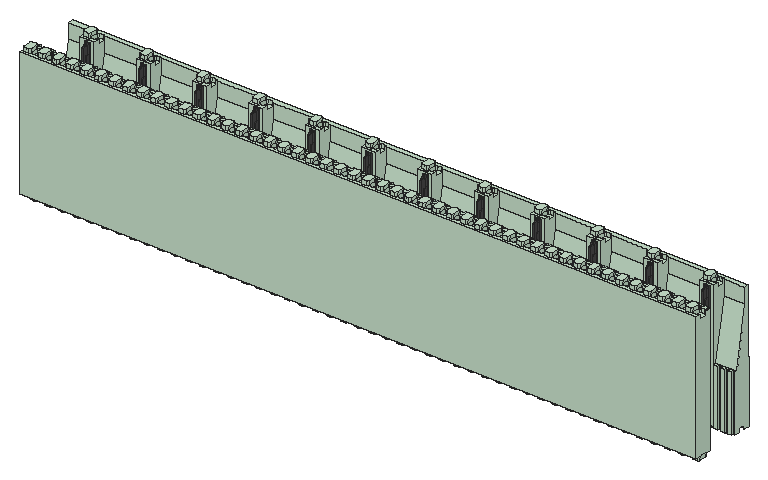
Revit family "ICF- NUDURA 4-inch Single Sided Taper Top Form Unit- Imperial", category Generic Models, Revit 2011 (continued)
Forms (in)
  Extrusion 172, solid, material "NUDURA Expanded Polystyrene Foam Insulation"
    sketch origin (0, 0, 0) x (1, 0, 0) y (0, 1, 0)
      loop
        line (5.28117, 3.25) -> (5.21883, 3) -> (5.78117, 3) -> (5.71883, 3.25) -> (5.28117, 3.25)
      loop
        line (6.28117, 3.25) -> (6.21883, 3) -> (6.78117, 3) -> (6.71883, 3.25) -> (6.28117, 3.25)
      loop
        line (7.28117, 3.25) -> (7.21883, 3) -> (7.78117, 3) -> (7.71883, 3.25) -> (7.28117, 3.25)
      loop
        line (8.28117, 3.25) -> (8.21883, 3) -> (8.78117, 3) -> (8.71883, 3.25) -> (8.28117, 3.25)
      loop
        line (9.28117, 3.25) -> (9.21883, 3) -> (9.78117, 3) -> (9.71883, 3.25) -> (9.28117, 3.25)
      loop
        line (10.28117, 3.25) -> (10.21883, 3) -> (10.78117, 3) -> (10.71883, 3.25) -> (10.28117, 3.25)
      loop
        line (13.28117, 3.25) -> (13.21883, 3) -> (13.78117, 3) -> (13.71883, 3.25) -> (13.28117, 3.25)
      loop
        line (14.28117, 3.25) -> (14.21883, 3) -> (14.78117, 3) -> (14.71883, 3.25) -> (14.28117, 3.25)
      loop
        line (15.28117, 3.25) -> (15.21883, 3) -> (15.78117, 3) -> (15.71883, 3.25) -> (15.28117, 3.25)
      loop
        line (16.28117, 3.25) -> (16.21883, 3) -> (16.78117, 3) -> (16.71883, 3.25) -> (16.28117, 3.25)
      loop
        line (17.28117, 3.25) -> (17.21883, 3) -> (17.78117, 3) -> (17.71883, 3.25) -> (17.28117, 3.25)
      loop
        line (18.28117, 3.25) -> (18.21883, 3) -> (18.78117, 3) -> (18.71883, 3.25) -> (18.28117, 3.25)
      loop
        line (21.28117, 3.25) -> (21.21883, 3) -> (21.78117, 3) -> (21.71883, 3.25) -> (21.28117, 3.25)
      loop
        line (22.28117, 3.25) -> (22.21883, 3) -> (22.78117, 3) -> (22.71883, 3.25) -> (22.28117, 3.25)
      loop
        line (23.28117, 3.25) -> (23.21883, 3) -> (23.78117, 3) -> (23.71883, 3.25) -> (23.28117, 3.25)
      loop
        line (24.28117, 3.25) -> (24.21883, 3) -> (24.78117, 3) -> (24.71883, 3.25) -> (24.28117, 3.25)
      loop
        line (25.28117, 3.25) -> (25.21883, 3) -> (25.78117, 3) -> (25.71883, 3.25) -> (25.28117, 3.25)
      loop
        line (26.28117, 3.25) -> (26.21883, 3) -> (26.78117, 3) -> (26.71883, 3.25) -> (26.28117, 3.25)
      loop
        line (29.28117, 3.25) -> (29.21883, 3) -> (29.78117, 3) -> (29.71883, 3.25) -> (29.28117, 3.25)
      loop
        line (30.28117, 3.25) -> (30.21883, 3) -> (30.78117, 3) -> (30.71883, 3.25) -> (30.28117, 3.25)
      loop
        line (31.28117, 3.25) -> (31.21883, 3) -> (31.78117, 3) -> (31.71883, 3.25) -> (31.28117, 3.25)
      loop
        line (32.28117, 3.25) -> (32.21883, 3) -> (32.78117, 3) -> (32.71883, 3.25) -> (32.28117, 3.25)
      loop
        line (33.28117, 3.25) -> (33.21883, 3) -> (33.78117, 3) -> (33.71883, 3.25) -> (33.28117, 3.25)
      loop
        line (34.28117, 3.25) -> (34.21883, 3) -> (34.78117, 3) -> (34.71883, 3.25) -> (34.28117, 3.25)
      loop
        line (37.28117, 3.25) -> (37.21883, 3) -> (37.78117, 3) -> (37.71883, 3.25) -> (37.28117, 3.25)
      loop
        line (38.28117, 3.25) -> (38.21883, 3) -> (38.78117, 3) -> (38.71883, 3.25) -> (38.28117, 3.25)
      loop
        line (39.28117, 3.25) -> (39.21883, 3) -> (39.78117, 3) -> (39.71883, 3.25) -> (39.28117, 3.25)
      loop
        line (40.28117, 3.25) -> (40.21883, 3) -> (40.78117, 3) -> (40.71883, 3.25) -> (40.28117, 3.25)
      loop
        line (41.28117, 3.25) -> (41.21883, 3) -> (41.78117, 3) -> (41.71883, 3.25) -> (41.28117, 3.25)
      loop
        line (42.28117, 3.25) -> (42.21883, 3) -> (42.78117, 3) -> (42.71883, 3.25) -> (42.28117, 3.25)
      loop
        line (45.28117, 3.25) -> (45.21883, 3) -> (45.78117, 3) -> (45.71883, 3.25) -> (45.28117, 3.25)
      loop
        line (46.28117, 3.25) -> (46.21883, 3) -> (46.78117, 3) -> (46.71883, 3.25) -> (46.28117, 3.25)
      loop
        line (47.28117, 3.25) -> (47.21883, 3) -> (47.78117, 3) -> (47.71883, 3.25) -> (47.28117, 3.25)
      loop
        line (48.28117, 3.25) -> (48.21883, 3) -> (48.78117, 3) -> (48.71883, 3.25) -> (48.28117, 3.25)
      loop
        line (49.28117, 3.25) -> (49.21883, 3) -> (49.78117, 3) -> (49.71883, 3.25) -> (49.28117, 3.25)
      loop
        line (50.28117, 3.25) -> (50.21883, 3) -> (50.78117, 3) -> (50.71883, 3.25) -> (50.28117, 3.25)
      loop
        line (53.28117, 3.25) -> (53.21883, 3) -> (53.78117, 3) -> (53.71883, 3.25) -> (53.28117, 3.25)
      loop
        line (54.28117, 3.25) -> (54.21883, 3) -> (54.78117, 3) -> (54.71883, 3.25) -> (54.28117, 3.25)
      loop
        line (55.28117, 3.25) -> (55.21883, 3) -> (55.78117, 3) -> (55.71883, 3.25) -> (55.28117, 3.25)
      loop
        line (56.28117, 3.25) -> (56.21883, 3) -> (56.78117, 3) -> (56.71883, 3.25) -> (56.28117, 3.25)
      loop
        line (57.28117, 3.25) -> (57.21883, 3) -> (57.78117, 3) -> (57.71883, 3.25) -> (57.28117, 3.25)
      loop
        line (58.28117, 3.25) -> (58.21883, 3) -> (58.78117, 3) -> (58.71883, 3.25) -> (58.28117, 3.25)
      loop
        line (61.28117, 3.25) -> (61.21883, 3) -> (61.78117, 3) -> (61.71883, 3.25) -> (61.28117, 3.25)
      loop
        line (62.28117, 3.25) -> (62.21883, 3) -> (62.78117, 3) -> (62.71883, 3.25) -> (62.28117, 3.25)
      loop
        line (63.28117, 3.25) -> (63.21883, 3) -> (63.78117, 3) -> (63.71883, 3.25) -> (63.28117, 3.25)
      loop
        line (64.28117, 3.25) -> (64.21883, 3) -> (64.78117, 3) -> (64.71883, 3.25) -> (64.28117, 3.25)
      loop
        line (65.28117, 3.25) -> (65.21883, 3) -> (65.78117, 3) -> (65.71883, 3.25) -> (65.28117, 3.25)
      loop
        line (66.28117, 3.25) -> (66.21883, 3) -> (66.78117, 3) -> (66.71883, 3.25) -> (66.28117, 3.25)
      loop
        line (69.28117, 3.25) -> (69.21883, 3) -> (69.78117, 3) -> (69.71883, 3.25) -> (69.28117, 3.25)
      loop
        line (70.28117, 3.25) -> (70.21883, 3) -> (70.78117, 3) -> (70.71883, 3.25) -> (70.28117, 3.25)
      loop
        line (71.28117, 3.25) -> (71.21883, 3) -> (71.78117, 3) -> (71.71883, 3.25) -> (71.28117, 3.25)
      loop
        line (72.28117, 3.25) -> (72.21883, 3) -> (72.78117, 3) -> (72.71883, 3.25) -> (72.28117, 3.25)
      loop
        line (73.28117, 3.25) -> (73.21883, 3) -> (73.78117, 3) -> (73.71883, 3.25) -> (73.28117, 3.25)
      loop
        line (74.28117, 3.25) -> (74.21883, 3) -> (74.78117, 3) -> (74.71883, 3.25) -> (74.28117, 3.25)
      loop
        line (77.28117, 3.25) -> (77.21883, 3) -> (77.78117, 3) -> (77.71883, 3.25) -> (77.28117, 3.25)
      loop
        line (78.28117, 3.25) -> (78.21883, 3) -> (78.78117, 3) -> (78.71883, 3.25) -> (78.28117, 3.25)
      loop
        line (79.28117, 3.25) -> (79.21883, 3) -> (79.78117, 3) -> (79.71883, 3.25) -> (79.28117, 3.25)
      loop
        line (80.28117, 3.25) -> (80.21883, 3) -> (80.78117, 3) -> (80.71883, 3.25) -> (80.28117, 3.25)
      loop
        line (81.28117, 3.25) -> (81.21883, 3) -> (81.78117, 3) -> (81.71883, 3.25) -> (81.28117, 3.25)
      loop
        line (82.28117, 3.25) -> (82.21883, 3) -> (82.78117, 3) -> (82.71883, 3.25) -> (82.28117, 3.25)
      loop
        line (85.28117, 3.25) -> (85.21883, 3) -> (85.78117, 3) -> (85.71883, 3.25) -> (85.28117, 3.25)
      loop
        line (86.28117, 3.25) -> (86.21883, 3) -> (86.78117, 3) -> (86.71883, 3.25) -> (86.28117, 3.25)
      loop
        line (87.28117, 3.25) -> (87.21883, 3) -> (87.78117, 3) -> (87.71883, 3.25) -> (87.28117, 3.25)
      loop
        line (88.28117, 3.25) -> (88.21883, 3) -> (88.78117, 3) -> (88.71883, 3.25) -> (88.28117, 3.25)
      loop
        line (89.28117, 3.25) -> (89.21883, 3) -> (89.78117, 3) -> (89.71883, 3.25) -> (89.28117, 3.25)
      loop
        line (90.28117, 3.25) -> (90.21883, 3) -> (90.78117, 3) -> (90.71883, 3.25) -> (90.28117, 3.25)
      loop
        line (93.28117, 3.25) -> (93.21883, 3) -> (93.78117, 3) -> (93.71883, 3.25) -> (93.28117, 3.25)
      loop
        line (94.28117, 3.25) -> (94.21883, 3) -> (94.78117, 3) -> (94.71883, 3.25) -> (94.28117, 3.25)
      loop
        line (95.28117, 3.25) -> (95.21883, 3) -> (95.78117, 3) -> (95.71883, 3.25) -> (95.28117, 3.25)
    from 0 to 8
Cuts and joins
  Extrusion 2, Extrusion 3, Extrusion 4, Extrusion 5, Extrusion 6, Extrusion 7, Extrusion 8, Extrusion 9, Extrusion 10, Extrusion 11, Extrusion 12, Extrusion 13, Extrusion 14, Extrusion 15, Extrusion 16, Extrusion 17, Extrusion 18, Extrusion 19, Extrusion 20, Extrusion 21, Extrusion 22, Extrusion 23, Extrusion 24, Extrusion 25, Extrusion 26, Extrusion 27, Extrusion 28, Extrusion 29, Extrusion 30, Extrusion 31, Extrusion 32, Extrusion 33, Extrusion 34, Extrusion 35, Extrusion 36, Extrusion 37, Extrusion 38, Extrusion 39, Extrusion 40, Extrusion 41, Extrusion 42, Extrusion 43, Extrusion 44, Extrusion 45, Extrusion 46, Extrusion 47, Extrusion 48, Extrusion 49, Extrusion 50, Extrusion 51, Extrusion 52, Extrusion 53, Extrusion 54, Extrusion 55, Extrusion 56, Extrusion 57, Extrusion 58, Extrusion 59, Extrusion 60, Extrusion 61, Extrusion 62, Extrusion 63, Extrusion 64, Extrusion 65, Extrusion 66, Extrusion 67, Extrusion 68, Extrusion 69, Extrusion 70, Extrusion 71, Extrusion 72, Extrusion 73, Extrusion 74, Extrusion 75, Extrusion 76, Extrusion 77, Extrusion 78, Extrusion 79, Extrusion 80, Extrusion 81, Extrusion 82, Extrusion 83, Extrusion 84, Extrusion 85, Extrusion 86, Extrusion 87, Extrusion 88, Extrusion 89, Extrusion 90, Extrusion 91, Extrusion 92, Extrusion 93, Extrusion 94, Extrusion 95, Extrusion 96, Extrusion 97, Extrusion 98, Extrusion 99, Extrusion 100, Extrusion 101, Extrusion 102, Extrusion 103, Extrusion 104, Extrusion 105, Extrusion 106, Extrusion 107, Extrusion 108, Extrusion 109, Extrusion 110, Extrusion 111, Extrusion 112, Extrusion 113, Extrusion 114, Extrusion 115, Extrusion 116, Extrusion 117, Extrusion 118, Extrusion 119, Extrusion 120, Extrusion 121, Extrusion 122, Extrusion 123, Extrusion 124, Extrusion 125, Extrusion 126, Extrusion 127, Extrusion 128, Extrusion 129, Extrusion 130, Extrusion 131, Extrusion 132, Extrusion 133, Extrusion 134, Extrusion 135, Extrusion 136, Extrusion 137, Extrusion 138, Extrusion 139, Extrusion 140, Extrusion 141, Extrusion 142, Extrusion 143, Extrusion 144, Extrusion 145, Extrusion 146, Extrusion 147, Extrusion 148, Extrusion 149, Extrusion 150, Extrusion 151, Extrusion 152, Extrusion 153, Extrusion 154, Extrusion 155, Extrusion 156, Extrusion 157 cuts Extrusion 1
  Extrusion 50, Extrusion 51, Extrusion 52, Extrusion 53, Extrusion 54, Extrusion 55, Extrusion 56, Extrusion 57, Extrusion 58, Extrusion 59, Extrusion 60, Extrusion 61, Extrusion 110, Extrusion 111, Extrusion 112, Extrusion 113, Extrusion 114, Extrusion 115, Extrusion 116, Extrusion 117, Extrusion 118, Extrusion 119, Extrusion 120, Extrusion 121, Extrusion 122, Extrusion 123, Extrusion 124, Extrusion 125, Extrusion 126, Extrusion 127, Extrusion 128, Extrusion 129, Extrusion 130, Extrusion 131, Extrusion 132, Extrusion 133, Extrusion 134, Extrusion 135, Extrusion 136, Extrusion 137, Extrusion 138, Extrusion 139, Extrusion 140, Extrusion 141, Extrusion 142, Extrusion 143, Extrusion 144, Extrusion 145, Extrusion 146, Extrusion 147, Extrusion 148, Extrusion 149, Extrusion 150, Extrusion 151, Extrusion 152, Extrusion 153, Extrusion 154, Extrusion 155, Extrusion 156, Extrusion 157 cuts Extrusion 158
  Extrusion 61 cuts Extrusion 159
  Extrusion 60 cuts Extrusion 160
  Extrusion 59 cuts Extrusion 161
  Extrusion 58 cuts Extrusion 162
  Extrusion 57 cuts Extrusion 163
  Extrusion 56 cuts Extrusion 164
  Extrusion 55 cuts Extrusion 165
  Extrusion 54 cuts Extrusion 166
  Extrusion 53 cuts Extrusion 167
  Extrusion 53 cuts Extrusion 168
  Extrusion 52 cuts Extrusion 169
  Extrusion 51 cuts Extrusion 170
  Extrusion 50 cuts Extrusion 171
  joined: Extrusion 158, Extrusion 159, Extrusion 160, Extrusion 161, Extrusion 162, Extrusion 163, Extrusion 164, Extrusion 165, Extrusion 166, Extrusion 167, Extrusion 168, Extrusion 169, Extrusion 170, Extrusion 171, Extrusion 172
Lines and regions (in)
  model lines
    curve 1: line (8, -3.625, 18) -> (8, -3.625, 0)
    curve 2: line (88, 5.625, 18) -> (88, 5.625, 0)
    curve 3: line (64, 5.625, 18) -> (64, 5.625, 0)
    curve 4: line (40, 5.625, 18) -> (40, 5.625, 0)
    curve 5: line (16, 5.625, 18) -> (16, 5.625, 0)
Dimensions and locks (in)
  locked: plane 3 "Center (Left/Right)" to plane 4 at 96
  locked: plane 5 to plane 7 at 2.625
  locked: plane 8 to plane 6 at 2.625
  locked: plane 9 to level at 18
  locked: plane 4 to plane 3 "Center (Left/Right)" at 96
  locked: plane 9 to plane 10 at 0.5
  locked: plane 11 to level at 0.5
  plane 6 to plane 1 "Center (Front/Back)" to plane 5 = 0' - 2", 0' - 2"
  plane 6 to plane 5 = 0' - 4"
  aligned and locked: plane 9 to Extrusion 1
  aligned and locked: Extrusion 1 to plane 3 "Center (Left/Right)"
  aligned and locked: plane 4 to Extrusion 1
  aligned and locked: level to Extrusion 1
  aligned and locked: nested 1 to plane 8
  aligned and locked: nested 124 to cut or joined group of Extrusion 1, Extrusion 2, Extrusion 3, Extrusion 4, Extrusion 5, Extrusion 6, Extrusion 7, Extrusion 8, Extrusion 9, Extrusion 10, Extrusion 11, Extrusion 12, Extrusion 13, Extrusion 14, Extrusion 15, Extrusion 16, Extrusion 17, Extrusion 18, Extrusion 19, Extrusion 20, Extrusion 21, Extrusion 22, Extrusion 23, Extrusion 24, Extrusion 25, Extrusion 26, Extrusion 27, Extrusion 28, Extrusion 29, Extrusion 30, Extrusion 31, Extrusion 32, Extrusion 33, Extrusion 34, Extrusion 35, Extrusion 36, Extrusion 37, Extrusion 38, Extrusion 39, Extrusion 40, Extrusion 41, Extrusion 42, Extrusion 43, Extrusion 44, Extrusion 45, Extrusion 46, Extrusion 47, Extrusion 48, Extrusion 49, Extrusion 50, Extrusion 51, Extrusion 52, Extrusion 53, Extrusion 54, Extrusion 55, Extrusion 56, Extrusion 57, Extrusion 58, Extrusion 59, Extrusion 60, Extrusion 61, Extrusion 62, Extrusion 63, Extrusion 64, Extrusion 65, Extrusion 66, Extrusion 67, Extrusion 68, Extrusion 69, Extrusion 70, Extrusion 71, Extrusion 72, Extrusion 73, Extrusion 74, Extrusion 75, Extrusion 76, Extrusion 77, Extrusion 78, Extrusion 79, Extrusion 80, Extrusion 81, Extrusion 82, Extrusion 83, Extrusion 84, Extrusion 85, Extrusion 86, Extrusion 87, Extrusion 88, Extrusion 89, Extrusion 90, Extrusion 91, Extrusion 92, Extrusion 93, Extrusion 94, Extrusion 95, Extrusion 96, Extrusion 97, Extrusion 98, Extrusion 99, Extrusion 100, Extrusion 101, Extrusion 102, Extrusion 103, Extrusion 104, Extrusion 105, Extrusion 106, Extrusion 107, Extrusion 108, Extrusion 109, Extrusion 110, Extrusion 111, Extrusion 112, Extrusion 113, Extrusion 114, Extrusion 115, Extrusion 116, Extrusion 117, Extrusion 118, Extrusion 119, Extrusion 120, Extrusion 121, Extrusion 122, Extrusion 123, Extrusion 124, Extrusion 125, Extrusion 126, Extrusion 127, Extrusion 128, Extrusion 129, Extrusion 130, Extrusion 131, Extrusion 132, Extrusion 133, Extrusion 134, Extrusion 135, Extrusion 136, Extrusion 137, Extrusion 138, Extrusion 139, Extrusion 140, Extrusion 141, Extrusion 142, Extrusion 143, Extrusion 144, Extrusion 145, Extrusion 146, Extrusion 147, Extrusion 148, Extrusion 149, Extrusion 150, Extrusion 151, Extrusion 152, Extrusion 153, Extrusion 154, Extrusion 155, Extrusion 156, Extrusion 157
Nested families (in)
  nested 1: "NUDURA Diamond Pattern" at (0, 2, 0), type "NUDURA Diamond Pattern"
  nested 2: "NUDURA Diamond Pattern" at (16, 2, 0), type "NUDURA Diamond Pattern"
  nested 3: "NUDURA Diamond Pattern" at (24, 2, 0), type "NUDURA Diamond Pattern"
  nested 4: "NUDURA Diamond Pattern" at (40, 2, 0), type "NUDURA Diamond Pattern"
  nested 5: "NUDURA Diamond Pattern" at (48, 2, 0), type "NUDURA Diamond Pattern"
  nested 6: "NUDURA Diamond Pattern" at (64, 2, 0), type "NUDURA Diamond Pattern"
  nested 7: "NUDURA Diamond Pattern" at (72, 2, 0), type "NUDURA Diamond Pattern"
  nested 8: "NUDURA Diamond Pattern" at (88, 2, 0), type "NUDURA Diamond Pattern"
  nested 9: "NUDURA Diamond Pattern" at (0, 0, 0), type "NUDURA Diamond Pattern"
  nested 10: "NUDURA Diamond Pattern" at (16, 0, 0), type "NUDURA Diamond Pattern"
  nested 11: "NUDURA Diamond Pattern" at (24, 0, 0), type "NUDURA Diamond Pattern"
  nested 12: "NUDURA Diamond Pattern" at (40, 0, 0), type "NUDURA Diamond Pattern"
  nested 13: "NUDURA Diamond Pattern" at (48, 0, 0), type "NUDURA Diamond Pattern"
  nested 14: "NUDURA Diamond Pattern" at (64, 0, 0), type "NUDURA Diamond Pattern"
  nested 15: "NUDURA Diamond Pattern" at (72, 0, 0), type "NUDURA Diamond Pattern"
  nested 16: "NUDURA Diamond Pattern" at (88, 0, 0), type "NUDURA Diamond Pattern"
  nested 17: "Interlock Tooth" at (0, 2, 0), type "Interlock Tooth"
  nested 18: "Interlock Tooth" at (2, 2, 0), type "Interlock Tooth"
  nested 19: "Interlock Tooth" at (4, 2, 0), type "Interlock Tooth"
  nested 20: "Interlock Tooth" at (6, 2, 0), type "Interlock Tooth"
  nested 21: "Interlock Tooth" at (8, 2, 0), type "Interlock Tooth"
  nested 22: "Interlock Tooth" at (10, 2, 0), type "Interlock Tooth"
  nested 23: "Interlock Tooth" at (12, 2, 0), type "Interlock Tooth"
  nested 24: "Interlock Tooth" at (14, 2, 0), type "Interlock Tooth"
  nested 25: "Interlock Tooth" at (16, 2, 0), type "Interlock Tooth"
  nested 26: "Interlock Tooth" at (18, 2, 0), type "Interlock Tooth"
  nested 27: "Interlock Tooth" at (20, 2, 0), type "Interlock Tooth"
  nested 28: "Interlock Tooth" at (22, 2, 0), type "Interlock Tooth"
  nested 29: "Interlock Tooth" at (24, 2, 0), type "Interlock Tooth"
  nested 30: "Interlock Tooth" at (26, 2, 0), type "Interlock Tooth"
  nested 31: "Interlock Tooth" at (28, 2, 0), type "Interlock Tooth"
  nested 32: "Interlock Tooth" at (30, 2, 0), type "Interlock Tooth"
  nested 33: "Interlock Tooth" at (32, 2, 0), type "Interlock Tooth"
  nested 34: "Interlock Tooth" at (34, 2, 0), type "Interlock Tooth"
  nested 35: "Interlock Tooth" at (36, 2, 0), type "Interlock Tooth"
  nested 36: "Interlock Tooth" at (38, 2, 0), type "Interlock Tooth"
  nested 37: "Interlock Tooth" at (40, 2, 0), type "Interlock Tooth"
  nested 38: "Interlock Tooth" at (42, 2, 0), type "Interlock Tooth"
  nested 39: "Interlock Tooth" at (44, 2, 0), type "Interlock Tooth"
  nested 40: "Interlock Tooth" at (46, 2, 0), type "Interlock Tooth"
  nested 41: "Interlock Tooth" at (48, 2, 0), type "Interlock Tooth"
  nested 42: "Interlock Tooth" at (50, 2, 0), type "Interlock Tooth"
  nested 43: "Interlock Tooth" at (52, 2, 0), type "Interlock Tooth"
  nested 44: "Interlock Tooth" at (54, 2, 0), type "Interlock Tooth"
  nested 45: "Interlock Tooth" at (56, 2, 0), type "Interlock Tooth"
  nested 46: "Interlock Tooth" at (58, 2, 0), type "Interlock Tooth"
  nested 47: "Interlock Tooth" at (60, 2, 0), type "Interlock Tooth"
  nested 48: "Interlock Tooth" at (62, 2, 0), type "Interlock Tooth"
  nested 49: "Interlock Tooth" at (64, 2, 0), type "Interlock Tooth"
  nested 50: "Interlock Tooth" at (66, 2, 0), type "Interlock Tooth"
  nested 51: "Interlock Tooth" at (68, 2, 0), type "Interlock Tooth"
  nested 52: "Interlock Tooth" at (70, 2, 0), type "Interlock Tooth"
  nested 53: "Interlock Tooth" at (72, 2, 0), type "Interlock Tooth"
  nested 54: "Interlock Tooth" at (74, 2, 0), type "Interlock Tooth"
  nested 55: "Interlock Tooth" at (76, 2, 0), type "Interlock Tooth"
  nested 56: "Interlock Tooth" at (78, 2, 0), type "Interlock Tooth"
  nested 57: "Interlock Tooth" at (80, 2, 0), type "Interlock Tooth"
  nested 58: "Interlock Tooth" at (82, 2, 0), type "Interlock Tooth"
  nested 59: "Interlock Tooth" at (84, 2, 0), type "Interlock Tooth"
  nested 60: "Interlock Tooth" at (86, 2, 0), type "Interlock Tooth"
  nested 61: "Interlock Tooth" at (88, 2, 0), type "Interlock Tooth"
  nested 62: "Interlock Tooth" at (90, 2, 0), type "Interlock Tooth"
  nested 63: "Interlock Tooth" at (92, 2, 0), type "Interlock Tooth"
  nested 64: "Interlock Tooth" at (94, 2, 0), type "Interlock Tooth"
  nested 65: "Interlock Tooth" at (3, 8.875, 0), type "Interlock Tooth"
  nested 66: "Interlock Tooth" at (11, 8.875, 0), type "Interlock Tooth"
  nested 67: "Interlock Tooth" at (19, 8.875, 0), type "Interlock Tooth"
  nested 68: "Interlock Tooth" at (27, 8.875, 0), type "Interlock Tooth"
  nested 69: "Interlock Tooth" at (35, 8.875, 0), type "Interlock Tooth"
  nested 70: "Interlock Tooth" at (43, 8.875, 0), type "Interlock Tooth"
  nested 71: "Interlock Tooth" at (51, 8.875, 0), type "Interlock Tooth"
  nested 72: "Interlock Tooth" at (59, 8.875, 0), type "Interlock Tooth"
  nested 73: "Interlock Tooth" at (67, 8.875, 0), type "Interlock Tooth"
  nested 74: "Interlock Tooth" at (75, 8.875, 0), type "Interlock Tooth"
  nested 75: "Interlock Tooth" at (83, 8.875, 0), type "Interlock Tooth"
  nested 76: "Interlock Tooth" at (91, 8.875, 0), type "Interlock Tooth"
  nested 77: "Interlock Tooth" at (1, -6.875, -18.5), type "Interlock Tooth"
  nested 78: "Interlock Tooth" at (3, -6.875, -18.5), type "Interlock Tooth"
  nested 79: "Interlock Tooth" at (5, -6.875, -18.5), type "Interlock Tooth"
  nested 80: "Interlock Tooth" at (7, -6.875, -18.5), type "Interlock Tooth"
  nested 81: "Interlock Tooth" at (9, -6.875, -18.5), type "Interlock Tooth"
  nested 82: "Interlock Tooth" at (11, -6.875, -18.5), type "Interlock Tooth"
  nested 83: "Interlock Tooth" at (13, -6.875, -18.5), type "Interlock Tooth"
  nested 84: "Interlock Tooth" at (15, -6.875, -18.5), type "Interlock Tooth"
  nested 85: "Interlock Tooth" at (17, -6.875, -18.5), type "Interlock Tooth"
  nested 86: "Interlock Tooth" at (19, -6.875, -18.5), type "Interlock Tooth"
  nested 87: "Interlock Tooth" at (21, -6.875, -18.5), type "Interlock Tooth"
  nested 88: "Interlock Tooth" at (23, -6.875, -18.5), type "Interlock Tooth"
  nested 89: "Interlock Tooth" at (25, -6.875, -18.5), type "Interlock Tooth"
  nested 90: "Interlock Tooth" at (27, -6.875, -18.5), type "Interlock Tooth"
  nested 91: "Interlock Tooth" at (29, -6.875, -18.5), type "Interlock Tooth"
  nested 92: "Interlock Tooth" at (31, -6.875, -18.5), type "Interlock Tooth"
  nested 93: "Interlock Tooth" at (33, -6.875, -18.5), type "Interlock Tooth"
  nested 94: "Interlock Tooth" at (35, -6.875, -18.5), type "Interlock Tooth"
  nested 95: "Interlock Tooth" at (37, -6.875, -18.5), type "Interlock Tooth"
  nested 96: "Interlock Tooth" at (39, -6.875, -18.5), type "Interlock Tooth"
  nested 97: "Interlock Tooth" at (41, -6.875, -18.5), type "Interlock Tooth"
  nested 98: "Interlock Tooth" at (43, -6.875, -18.5), type "Interlock Tooth"
  nested 99: "Interlock Tooth" at (45, -6.875, -18.5), type "Interlock Tooth"
  nested 100: "Interlock Tooth" at (47, -6.875, -18.5), type "Interlock Tooth"
  nested 101: "Interlock Tooth" at (49, -6.875, -18.5), type "Interlock Tooth"
  nested 102: "Interlock Tooth" at (51, -6.875, -18.5), type "Interlock Tooth"
  nested 103: "Interlock Tooth" at (53, -6.875, -18.5), type "Interlock Tooth"
  nested 104: "Interlock Tooth" at (55, -6.875, -18.5), type "Interlock Tooth"
  nested 105: "Interlock Tooth" at (57, -6.875, -18.5), type "Interlock Tooth"
  nested 106: "Interlock Tooth" at (59, -6.875, -18.5), type "Interlock Tooth"
  nested 107: "Interlock Tooth" at (61, -6.875, -18.5), type "Interlock Tooth"
  nested 108: "Interlock Tooth" at (63, -6.875, -18.5), type "Interlock Tooth"
  nested 109: "Interlock Tooth" at (65, -6.875, -18.5), type "Interlock Tooth"
  nested 110: "Interlock Tooth" at (67, -6.875, -18.5), type "Interlock Tooth"
  nested 111: "Interlock Tooth" at (69, -6.875, -18.5), type "Interlock Tooth"
  nested 112: "Interlock Tooth" at (71, -6.875, -18.5), type "Interlock Tooth"
  nested 113: "Interlock Tooth" at (73, -6.875, -18.5), type "Interlock Tooth"
  nested 114: "Interlock Tooth" at (75, -6.875, -18.5), type "Interlock Tooth"
  nested 115: "Interlock Tooth" at (77, -6.875, -18.5), type "Interlock Tooth"
  nested 116: "Interlock Tooth" at (79, -6.875, -18.5), type "Interlock Tooth"
  nested 117: "Interlock Tooth" at (81, -6.875, -18.5), type "Interlock Tooth"
  nested 118: "Interlock Tooth" at (83, -6.875, -18.5), type "Interlock Tooth"
  nested 119: "Interlock Tooth" at (85, -6.875, -18.5), type "Interlock Tooth"
  nested 120: "Interlock Tooth" at (87, -6.875, -18.5), type "Interlock Tooth"
  nested 121: "Interlock Tooth" at (89, -6.875, -18.5), type "Interlock Tooth"
  nested 122: "Interlock Tooth" at (91, -6.875, -18.5), type "Interlock Tooth"
  nested 123: "Interlock Tooth" at (93, -6.875, -18.5), type "Interlock Tooth"
  nested 124: "Interlock Tooth" at (95, -6.875, -18.5), type "Interlock Tooth"
  nested 125: "Interlock Tooth" at (0, 0, -18.5), type "Interlock Tooth"
  nested 126: "Interlock Tooth" at (2, 0, -18.5), type "Interlock Tooth"
  nested 127: "Interlock Tooth" at (4, 0, -18.5), type "Interlock Tooth"
  nested 128: "Interlock Tooth" at (6, 0, -18.5), type "Interlock Tooth"
  nested 129: "Interlock Tooth" at (8, 0, -18.5), type "Interlock Tooth"
  nested 130: "Interlock Tooth" at (10, 0, -18.5), type "Interlock Tooth"
  nested 131: "Interlock Tooth" at (12, 0, -18.5), type "Interlock Tooth"
  nested 132: "Interlock Tooth" at (14, 0, -18.5), type "Interlock Tooth"
  nested 133: "Interlock Tooth" at (16, 0, -18.5), type "Interlock Tooth"
  nested 134: "Interlock Tooth" at (18, 0, -18.5), type "Interlock Tooth"
  nested 135: "Interlock Tooth" at (20, 0, -18.5), type "Interlock Tooth"
  nested 136: "Interlock Tooth" at (22, 0, -18.5), type "Interlock Tooth"
  nested 137: "Interlock Tooth" at (24, 0, -18.5), type "Interlock Tooth"
  nested 138: "Interlock Tooth" at (26, 0, -18.5), type "Interlock Tooth"
  nested 139: "Interlock Tooth" at (28, 0, -18.5), type "Interlock Tooth"
  nested 140: "Interlock Tooth" at (30, 0, -18.5), type "Interlock Tooth"
  nested 141: "Interlock Tooth" at (32, 0, -18.5), type "Interlock Tooth"
  nested 142: "Interlock Tooth" at (34, 0, -18.5), type "Interlock Tooth"
  nested 143: "Interlock Tooth" at (36, 0, -18.5), type "Interlock Tooth"
  nested 144: "Interlock Tooth" at (38, 0, -18.5), type "Interlock Tooth"
  nested 145: "Interlock Tooth" at (40, 0, -18.5), type "Interlock Tooth"
  nested 146: "Interlock Tooth" at (42, 0, -18.5), type "Interlock Tooth"
  nested 147: "Interlock Tooth" at (44, 0, -18.5), type "Interlock Tooth"
  nested 148: "Interlock Tooth" at (46, 0, -18.5), type "Interlock Tooth"
  nested 149: "Interlock Tooth" at (48, 0, -18.5), type "Interlock Tooth"
  nested 150: "Interlock Tooth" at (50, 0, -18.5), type "Interlock Tooth"
  nested 151: "Interlock Tooth" at (52, 0, -18.5), type "Interlock Tooth"
  nested 152: "Interlock Tooth" at (54, 0, -18.5), type "Interlock Tooth"
  nested 153: "Interlock Tooth" at (56, 0, -18.5), type "Interlock Tooth"
  nested 154: "Interlock Tooth" at (58, 0, -18.5), type "Interlock Tooth"
  nested 155: "Interlock Tooth" at (60, 0, -18.5), type "Interlock Tooth"
  nested 156: "Interlock Tooth" at (62, 0, -18.5), type "Interlock Tooth"
  nested 157: "Interlock Tooth" at (64, 0, -18.5), type "Interlock Tooth"
  nested 158: "Interlock Tooth" at (66, 0, -18.5), type "Interlock Tooth"
  nested 159: "Interlock Tooth" at (68, 0, -18.5), type "Interlock Tooth"
  nested 160: "Interlock Tooth" at (70, 0, -18.5), type "Interlock Tooth"
  nested 161: "Interlock Tooth" at (72, 0, -18.5), type "Interlock Tooth"
  nested 162: "Interlock Tooth" at (74, 0, -18.5), type "Interlock Tooth"
  nested 163: "Interlock Tooth" at (76, 0, -18.5), type "Interlock Tooth"
  nested 164: "Interlock Tooth" at (78, 0, -18.5), type "Interlock Tooth"
  nested 165: "Interlock Tooth" at (80, 0, -18.5), type "Interlock Tooth"
  nested 166: "Interlock Tooth" at (82, 0, -18.5), type "Interlock Tooth"
  nested 167: "Interlock Tooth" at (84, 0, -18.5), type "Interlock Tooth"
  nested 168: "Interlock Tooth" at (86, 0, -18.5), type "Interlock Tooth"
  nested 169: "Interlock Tooth" at (88, 0, -18.5), type "Interlock Tooth"
  nested 170: "Interlock Tooth" at (90, 0, -18.5), type "Interlock Tooth"
  nested 171: "Interlock Tooth" at (92, 0, -18.5), type "Interlock Tooth"
  nested 172: "Interlock Tooth" at (94, 0, -18.5), type "Interlock Tooth"
  nested 173: "NUDURA Logo Diamond" at (0, -3.625, 0), type "NUDURA Logo Diamond"
  nested 174: "NUDURA Logo Diamond" at (24, -3.625, 0), type "NUDURA Logo Diamond"
  nested 175: "NUDURA Logo Diamond" at (48, -3.625, 0), type "NUDURA Logo Diamond"
  nested 176: "NUDURA Logo Diamond" at (72, -3.625, 0), type "NUDURA Logo Diamond"
  nested 177: "NUDURA Logo Diamond" at (95.99744, 5.625, 0) x (-1, 0, 0) z (0, 0, 1), type "NUDURA Logo Diamond"
  nested 178: "NUDURA Logo Diamond" at (71.99744, 5.625, 0) x (-1, 0, 0) z (0, 0, 1), type "NUDURA Logo Diamond"
  nested 179: "NUDURA Logo Diamond" at (47.99744, 5.625, 0) x (-1, 0, 0) z (0, 0, 1), type "NUDURA Logo Diamond"
  nested 180: "NUDURA Logo Diamond" at (23.99744, 5.625, 0) x (-1, 0, 0) z (0, 0, 1), type "NUDURA Logo Diamond"
  nested 181: "4-inch Insert Web" at (4, 1, 0), type "4-inch Insert Web"
  nested 182: "4-inch Insert Web" at (12, 1, 0), type "4-inch Insert Web"
  nested 183: "4-inch Insert Web" at (20, 1, 0), type "4-inch Insert Web"
  nested 184: "4-inch Insert Web" at (28, 1, 0), type "4-inch Insert Web"
  nested 185: "4-inch Insert Web" at (36, 1, 0), type "4-inch Insert Web"
  nested 186: "4-inch Insert Web" at (44, 1, 0), type "4-inch Insert Web"
  nested 187: "4-inch Insert Web" at (52, 1, 0), type "4-inch Insert Web"
  nested 188: "4-inch Insert Web" at (60, 1, 0), type "4-inch Insert Web"
  nested 189: "4-inch Insert Web" at (68, 1, 0), type "4-inch Insert Web"
  nested 190: "4-inch Insert Web" at (84, 1, 0), type "4-inch Insert Web"
  nested 191: "4-inch Insert Web" at (92, 1, 0), type "4-inch Insert Web"
  nested 192: "4-inch Insert Web" at (76, 1, 0), type "4-inch Insert Web"
Definition of nested family "Interlock Tooth"
  Reference planes (in)
    plane 1 "Center (Front/Back)": y = 0
    plane 2: z = 0
    plane 3 "Center (Left/Right)": x = 0
    plane 4: z = 18
    plane 5: z = 18.5
    plane 6: z = -0.5
  Forms (in)
    Extrusion 1, solid, material "NUDURA Expanded Polystyrene Foam Insulation"
      sketch origin (0, -8.875, 0) x (1, 0, 0) y (0, 1, 0)
        loop
          arc (0, 3.97692) -> (0.04785, 3.82983) -> (0.17308, 3.73905) r 0.25
          arc (0.17308, 3.73905) -> (0.5, 3.6875) -> (0.82692, 3.73905) r 1.0625
          arc (0.82692, 3.73905) -> (0.95215, 3.82983) -> (1, 3.97692) r 0.25
          line (1, 3.97692) -> (1, 4.89808)
          arc (1, 4.89808) -> (0.95215, 5.04517) -> (0.82692, 5.13595) r 0.25
          arc (0.82692, 5.13595) -> (0.5, 5.1875) -> (0.17308, 5.13595) r 1.0625
          arc (0.17308, 5.13595) -> (0.04785, 5.04517) -> (0, 4.89808) r 0.25
          line (0, 4.89808) -> (0, 3.97692)
      from 18 to 18.5
  Dimensions and locks (in)
    locked: plane 4 to level at 18
    locked: plane 4 to plane 5 at 0.5
    locked: plane 6 to level at 0.5
Definition of nested family "4-inch Insert Web"
  Reference planes (in)
    plane 1 "Center (Front/Back)": y = 0
    plane 2: z = 0
    plane 3 "Center (Left/Right)": x = 0
  Forms (in)
    Extrusion 1, solid, material "High Density Polystyrene"
      sketch origin (0, 0, 0) x (0, 1, 0) y (0, 0, 1)
        loop
          line (2.25, 0) -> (2.25, 17.74583)
          arc (2.25, 17.74583) -> (2.22112, 17.72608) -> (2.21, 17.69292) r 0.055
          line (2.21, 17.69292) -> (2.21, 0.05292)
          arc (2.21, 0.05292) -> (2.22112, 0.01975) -> (2.25, 0) r 0.055
        loop
          arc (-2.25, 0) -> (-2.22112, 0.01975) -> (-2.21, 0.05292) r 0.055
          line (-2.21, 0.05292) -> (-2.21, 17.69292)
          arc (-2.21, 17.69292) -> (-2.22112, 17.72608) -> (-2.25, 17.74583) r 0.055
          line (-2.25, 17.74583) -> (-2.25, 0)
      from 0.36328 to -0.36328
    Extrusion 2, solid, material "High Density Polystyrene"
      sketch origin (0, 0, 0) x (0, 1, 0) y (0, 0, 1)
        loop
          arc (2.18889, 17.40785) -> (2.20374, 17.40241) -> (2.21, 17.38789) r 0.02
          line (2.21, 17.38789) -> (2.21, 17.63668)
          arc (2.21, 17.63668) -> (2.20585, 17.62147) -> (2.19457, 17.61045) r 0.03
          line (2.19457, 17.61045) -> (2.12543, 17.57204)
          arc (2.12543, 17.57204) -> (2.11414, 17.56103) -> (2.11, 17.54582) r 0.03
          line (2.11, 17.54582) -> (2.11, 17.42461)
          arc (2.11, 17.42461) -> (2.11625, 17.41008) -> (2.13111, 17.40464) r 0.02
          line (2.13111, 17.40464) -> (2.18889, 17.40785)
        loop
          line (2, 17.20772) -> (1.925, 17.43772)
          arc (1.925, 17.43772) -> (1.875, 17.46772) -> (1.825, 17.43772) r 0.05667
          line (1.825, 17.43772) -> (1.77609, 17.28772) -> (1.64893, 17.28772)
          arc (1.64893, 17.28772) -> (1.61433, 17.27339) -> (1.6, 17.2388) r 0.04893
          line (1.6, 17.2388) -> (1.6, 17.20772) -> (1.5, 17.20772) -> (1.5, 15.41964)
          arc (1.5, 15.41964) -> (1.44097, 15.27714) -> (1.29847, 15.21812) r 0.20153
          arc (1.29847, 15.21812) -> (1.20889, 15.19959) -> (1.18179, 15.11222) r 0.09
          arc (1.18179, 15.11222) -> (0.74446, 14.77125) -> (0.77171, 15.32512) r 0.305
          arc (0.77171, 15.32512) -> (0.89426, 15.6111) -> (0.60829, 15.73365) r 0.22
          arc (0.60829, 15.73365) -> (0.36995, 15.58023) -> (0.20617, 15.3489) r 0.745
          arc (0.20617, 15.3489) -> (0.12274, 15.25133) -> (0, 15.21369) r 0.23
          arc (0, 15.21369) -> (-0.12274, 15.25133) -> (-0.20617, 15.3489) r 0.23
          arc (-0.20617, 15.3489) -> (-0.36995, 15.58023) -> (-0.60829, 15.73365) r 0.745
          arc (-0.60829, 15.73365) -> (-0.89426, 15.6111) -> (-0.77171, 15.32512) r 0.22
          arc (-0.77171, 15.32512) -> (-0.74446, 14.77125) -> (-1.18179, 15.11222) r 0.305
          arc (-1.18179, 15.11222) -> (-1.20889, 15.19959) -> (-1.29847, 15.21812) r 0.09
          arc (-1.29847, 15.21812) -> (-1.44097, 15.27714) -> (-1.5, 15.41964) r 0.20153
          line (-1.5, 15.41964) -> (-1.5, 17.20772) -> (-1.6, 17.20772) -> (-1.6, 17.2388)
          arc (-1.6, 17.2388) -> (-1.61433, 17.27339) -> (-1.64893, 17.28772) r 0.04893
          line (-1.64893, 17.28772) -> (-1.77609, 17.28772) -> (-1.825, 17.43772)
          arc (-1.825, 17.43772) -> (-1.875, 17.46772) -> (-1.925, 17.43772) r 0.05667
          line (-1.925, 17.43772) -> (-2, 17.20772) -> (-2, 0.53811) -> (-1.925, 0.30811)
          arc (-1.925, 0.30811) -> (-1.875, 0.27811) -> (-1.825, 0.30811) r 0.05667
          line (-1.825, 0.30811) -> (-1.77609, 0.45811) -> (-1.64893, 0.45811)
          arc (-1.64893, 0.45811) -> (-1.61433, 0.47244) -> (-1.6, 0.50703) r 0.04893
          line (-1.6, 0.50703) -> (-1.6, 0.53811) -> (-1.5, 0.53811) -> (-1.5, 2.32619)
          arc (-1.5, 2.32619) -> (-1.44097, 2.46869) -> (-1.29847, 2.52772) r 0.20153
          arc (-1.29847, 2.52772) -> (-1.20889, 2.54624) -> (-1.18179, 2.63362) r 0.09
          arc (-1.18179, 2.63362) -> (-0.74446, 2.97458) -> (-0.77171, 2.42071) r 0.305
          arc (-0.77171, 2.42071) -> (-0.89426, 2.13473) -> (-0.60829, 2.01218) r 0.22
          arc (-0.60829, 2.01218) -> (-0.36995, 2.1656) -> (-0.20617, 2.39693) r 0.745
          arc (-0.20617, 2.39693) -> (-0.12274, 2.4945) -> (0, 2.53215) r 0.23
          arc (0, 2.53215) -> (0.12274, 2.4945) -> (0.20617, 2.39693) r 0.23
          arc (0.20617, 2.39693) -> (0.36995, 2.1656) -> (0.60829, 2.01218) r 0.745
          arc (0.60829, 2.01218) -> (0.89426, 2.13473) -> (0.77171, 2.42071) r 0.22
          arc (0.77171, 2.42071) -> (0.74446, 2.97458) -> (1.18179, 2.63362) r 0.305
          arc (1.18179, 2.63362) -> (1.20889, 2.54624) -> (1.29847, 2.52772) r 0.09
          arc (1.29847, 2.52772) -> (1.44097, 2.46869) -> (1.5, 2.32619) r 0.20153
          line (1.5, 2.32619) -> (1.5, 0.53811) -> (1.6, 0.53811) -> (1.6, 0.50703)
          arc (1.6, 0.50703) -> (1.61433, 0.47244) -> (1.64893, 0.45811) r 0.04893
          line (1.64893, 0.45811) -> (1.77609, 0.45811) -> (1.825, 0.30811)
          arc (1.825, 0.30811) -> (1.875, 0.27811) -> (1.925, 0.30811) r 0.05667
          line (1.925, 0.30811) -> (2, 0.53811) -> (2, 17.20772)
        loop
          line (1.5, 5.8331) -> (1.5, 11.91273)
          arc (1.5, 11.91273) -> (1.44097, 12.05523) -> (1.29847, 12.11426) r 0.20153
          arc (1.29847, 12.11426) -> (1.20889, 12.13278) -> (1.18179, 12.22016) r 0.09
          arc (1.18179, 12.22016) -> (0.74446, 12.56112) -> (0.77171, 12.00725) r 0.305
          arc (0.77171, 12.00725) -> (0.89426, 11.72127) -> (0.60829, 11.59873) r 0.22
          arc (0.60829, 11.59873) -> (0.36995, 11.75214) -> (0.20617, 11.98348) r 0.745
          arc (0.20617, 11.98348) -> (0.12274, 12.08104) -> (0, 12.11869) r 0.23
          arc (0, 12.11869) -> (-0.12274, 12.08104) -> (-0.20617, 11.98348) r 0.23
          arc (-0.20617, 11.98348) -> (-0.36995, 11.75214) -> (-0.60829, 11.59873) r 0.745
          arc (-0.60829, 11.59873) -> (-0.89426, 11.72127) -> (-0.77171, 12.00725) r 0.22
          arc (-0.77171, 12.00725) -> (-0.74446, 12.56112) -> (-1.18179, 12.22016) r 0.305
          arc (-1.18179, 12.22016) -> (-1.20889, 12.13278) -> (-1.29847, 12.11426) r 0.09
          arc (-1.29847, 12.11426) -> (-1.44097, 12.05523) -> (-1.5, 11.91273) r 0.20153
          line (-1.5, 11.91273) -> (-1.5, 5.8331)
          arc (-1.5, 5.8331) -> (-1.44097, 5.6906) -> (-1.29847, 5.63158) r 0.20153
          arc (-1.29847, 5.63158) -> (-1.20889, 5.61305) -> (-1.18179, 5.52567) r 0.09
          arc (-1.18179, 5.52567) -> (-0.74446, 5.18471) -> (-0.77171, 5.73858) r 0.305
          arc (-0.77171, 5.73858) -> (-0.89426, 6.02456) -> (-0.60829, 6.14711) r 0.22
          arc (-0.60829, 6.14711) -> (-0.36995, 5.99369) -> (-0.20617, 5.76236) r 0.745
          arc (-0.20617, 5.76236) -> (-0.12274, 5.66479) -> (0, 5.62715) r 0.23
          arc (0, 5.62715) -> (0.12274, 5.66479) -> (0.20617, 5.76236) r 0.23
          arc (0.20617, 5.76236) -> (0.36995, 5.99369) -> (0.60829, 6.14711) r 0.745
          arc (0.60829, 6.14711) -> (0.89426, 6.02456) -> (0.77171, 5.73858) r 0.22
          arc (0.77171, 5.73858) -> (0.74446, 5.18471) -> (1.18179, 5.52567) r 0.305
          arc (1.18179, 5.52567) -> (1.20889, 5.61305) -> (1.29847, 5.63158) r 0.09
          arc (1.29847, 5.63158) -> (1.44097, 5.6906) -> (1.5, 5.8331) r 0.20153
        loop
          line (1.5, 13.92792) -> (1.5, 14.39506)
          arc (1.5, 14.39506) -> (1.44165, 14.51428) -> (1.31171, 14.54135) r 0.15098
          arc (1.31171, 14.54135) -> (0.8435, 14.42302) -> (0.37542, 14.30691) r 109.15003
          arc (0.37542, 14.30691) -> (0.21407, 14.19098) -> (0.15234, 14.00212) r 0.31975
          arc (0.15234, 14.00212) -> (0.22557, 13.82535) -> (0.40234, 13.75212) r 0.25
          line (0.40234, 13.75212) -> (1.32421, 13.75212)
          arc (1.32421, 13.75212) -> (1.44851, 13.80361) -> (1.5, 13.92792) r 0.17579
        loop
          arc (1.5, 13.40446) -> (1.44851, 13.52876) -> (1.32421, 13.58025) r 0.17579
          line (1.32421, 13.58025) -> (0.40234, 13.58025)
          arc (0.40234, 13.58025) -> (0.22557, 13.50703) -> (0.15234, 13.33025) r 0.25
          arc (0.15234, 13.33025) -> (0.21407, 13.1414) -> (0.37542, 13.02546) r 0.31975
          arc (0.37542, 13.02546) -> (0.8435, 12.90936) -> (1.31171, 12.79102) r 109.15003
          arc (1.31171, 12.79102) -> (1.44165, 12.81809) -> (1.5, 12.93731) r 0.15098
          line (1.5, 12.93731) -> (1.5, 13.40446)
        loop
          line (2.18889, 0.33798) -> (2.13111, 0.34119)
          arc (2.13111, 0.34119) -> (2.11625, 0.33575) -> (2.11, 0.32122) r 0.02
          line (2.11, 0.32122) -> (2.11, 0.20001)
          arc (2.11, 0.20001) -> (2.11414, 0.1848) -> (2.12543, 0.17379) r 0.03
          line (2.12543, 0.17379) -> (2.19457, 0.13538)
          arc (2.19457, 0.13538) -> (2.20585, 0.12437) -> (2.21, 0.10915) r 0.03
          line (2.21, 0.10915) -> (2.21, 0.35795)
          arc (2.21, 0.35795) -> (2.20374, 0.34342) -> (2.18889, 0.33798) r 0.02
        loop
          arc (1.5, 3.81792) -> (1.44851, 3.94222) -> (1.32421, 3.99371) r 0.17579
          line (1.32421, 3.99371) -> (0.40234, 3.99371)
          arc (0.40234, 3.99371) -> (0.22557, 3.92048) -> (0.15234, 3.74371) r 0.25
          arc (0.15234, 3.74371) -> (0.21407, 3.55486) -> (0.37542, 3.43892) r 0.31975
          arc (0.37542, 3.43892) -> (0.8435, 3.32282) -> (1.31171, 3.20448) r 109.15003
          arc (1.31171, 3.20448) -> (1.44165, 3.23155) -> (1.5, 3.35077) r 0.15098
          line (1.5, 3.35077) -> (1.5, 3.81792)
        loop
          line (1.5, 4.34137) -> (1.5, 4.80852)
          arc (1.5, 4.80852) -> (1.44165, 4.92774) -> (1.31171, 4.95481) r 0.15098
          arc (1.31171, 4.95481) -> (0.8435, 4.83647) -> (0.37542, 4.72037) r 109.15003
          arc (0.37542, 4.72037) -> (0.21407, 4.60444) -> (0.15234, 4.41558) r 0.31975
          arc (0.15234, 4.41558) -> (0.22557, 4.23881) -> (0.40234, 4.16558) r 0.25
          line (0.40234, 4.16558) -> (1.32421, 4.16558)
          arc (1.32421, 4.16558) -> (1.44851, 4.21707) -> (1.5, 4.34137) r 0.17579
        loop
          line (-2.18889, 17.40785) -> (-2.13111, 17.40464)
          arc (-2.13111, 17.40464) -> (-2.11625, 17.41008) -> (-2.11, 17.42461) r 0.02
          line (-2.11, 17.42461) -> (-2.11, 17.54582)
          arc (-2.11, 17.54582) -> (-2.11414, 17.56103) -> (-2.12543, 17.57204) r 0.03
          line (-2.12543, 17.57204) -> (-2.19457, 17.61045)
          arc (-2.19457, 17.61045) -> (-2.20585, 17.62147) -> (-2.21, 17.63668) r 0.03
          line (-2.21, 17.63668) -> (-2.21, 17.38789)
          arc (-2.21, 17.38789) -> (-2.20374, 17.40241) -> (-2.18889, 17.40785) r 0.02
        loop
          arc (-1.5, 13.92792) -> (-1.44851, 13.80361) -> (-1.32421, 13.75212) r 0.17579
          line (-1.32421, 13.75212) -> (-0.40234, 13.75212)
          arc (-0.40234, 13.75212) -> (-0.22557, 13.82535) -> (-0.15234, 14.00212) r 0.25
          arc (-0.15234, 14.00212) -> (-0.21407, 14.19098) -> (-0.37542, 14.30691) r 0.31975
          arc (-0.37542, 14.30691) -> (-0.8435, 14.42302) -> (-1.31171, 14.54135) r 109.15003
          arc (-1.31171, 14.54135) -> (-1.44165, 14.51428) -> (-1.5, 14.39506) r 0.15098
          line (-1.5, 14.39506) -> (-1.5, 13.92792)
        loop
          line (-1.5, 13.40446) -> (-1.5, 12.93731)
          arc (-1.5, 12.93731) -> (-1.44165, 12.81809) -> (-1.31171, 12.79102) r 0.15098
          arc (-1.31171, 12.79102) -> (-0.8435, 12.90936) -> (-0.37542, 13.02546) r 109.15003
          arc (-0.37542, 13.02546) -> (-0.21407, 13.1414) -> (-0.15234, 13.33025) r 0.31975
          arc (-0.15234, 13.33025) -> (-0.22557, 13.50703) -> (-0.40234, 13.58025) r 0.25
          line (-0.40234, 13.58025) -> (-1.32421, 13.58025)
          arc (-1.32421, 13.58025) -> (-1.44851, 13.52876) -> (-1.5, 13.40446) r 0.17579
        loop
          arc (-2.18889, 0.33798) -> (-2.20374, 0.34342) -> (-2.21, 0.35795) r 0.02
          line (-2.21, 0.35795) -> (-2.21, 0.10915)
          arc (-2.21, 0.10915) -> (-2.20585, 0.12437) -> (-2.19457, 0.13538) r 0.03
          line (-2.19457, 0.13538) -> (-2.12543, 0.17379)
          arc (-2.12543, 0.17379) -> (-2.11414, 0.1848) -> (-2.11, 0.20001) r 0.03
          line (-2.11, 0.20001) -> (-2.11, 0.32122)
          arc (-2.11, 0.32122) -> (-2.11625, 0.33575) -> (-2.13111, 0.34119) r 0.02
          line (-2.13111, 0.34119) -> (-2.18889, 0.33798)
        loop
          line (-1.5, 3.81792) -> (-1.5, 3.35077)
          arc (-1.5, 3.35077) -> (-1.44165, 3.23155) -> (-1.31171, 3.20448) r 0.15098
          arc (-1.31171, 3.20448) -> (-0.8435, 3.32282) -> (-0.37542, 3.43892) r 109.15003
          arc (-0.37542, 3.43892) -> (-0.21407, 3.55486) -> (-0.15234, 3.74371) r 0.31975
          arc (-0.15234, 3.74371) -> (-0.22557, 3.92048) -> (-0.40234, 3.99371) r 0.25
          line (-0.40234, 3.99371) -> (-1.32421, 3.99371)
          arc (-1.32421, 3.99371) -> (-1.44851, 3.94222) -> (-1.5, 3.81792) r 0.17579
        loop
          arc (-1.5, 4.34137) -> (-1.44851, 4.21707) -> (-1.32421, 4.16558) r 0.17579
          line (-1.32421, 4.16558) -> (-0.40234, 4.16558)
          arc (-0.40234, 4.16558) -> (-0.22557, 4.23881) -> (-0.15234, 4.41558) r 0.25
          arc (-0.15234, 4.41558) -> (-0.21407, 4.60444) -> (-0.37542, 4.72037) r 0.31975
          arc (-0.37542, 4.72037) -> (-0.8435, 4.83647) -> (-1.31171, 4.95481) r 109.15003
          arc (-1.31171, 4.95481) -> (-1.44165, 4.92774) -> (-1.5, 4.80852) r 0.15098
          line (-1.5, 4.80852) -> (-1.5, 4.34137)
      from 0.125 to -0.125
    Extrusion 3, solid, material "High Density Polystyrene"
      sketch origin (0, 0, 0) x (0, 1, 0) y (0, 0, 1)
        loop
          line (2.21, 16.17792) -> (1.71, 16.17792) -> (1.71, 14.97792) -> (2.21, 14.97792) -> (2.21, 16.17792)
        loop
          line (2.21, 14.22792) -> (1.71, 14.22792) -> (1.71, 13.02792) -> (2.21, 13.02792) -> (2.21, 14.22792)
        loop
          line (2.21, 12.27792) -> (1.71, 12.27792) -> (1.71, 11.07792) -> (2.21, 11.07792) -> (2.21, 12.27792)
        loop
          line (2.21, 10.32792) -> (1.71, 10.32792) -> (1.71, 9.24792) -> (2.21, 9.24792) -> (2.21, 10.32792)
        loop
          line (2.21, 8.49792) -> (1.71, 8.49792) -> (1.71, 7.41792) -> (2.21, 7.41792) -> (2.21, 8.49792)
        loop
          line (2.21, 6.66792) -> (1.71, 6.66792) -> (1.71, 5.46792) -> (2.21, 5.46792) -> (2.21, 6.66792)
        loop
          line (2.21, 4.71792) -> (1.71, 4.71792) -> (1.71, 3.51792) -> (2.21, 3.51792) -> (2.21, 4.71792)
        loop
          line (2.21, 2.76792) -> (1.71, 2.76792) -> (1.71, 1.56792) -> (2.21, 1.56792) -> (2.21, 2.76792)
        loop
          line (-2.21, 16.17792) -> (-2.21, 14.97792) -> (-1.71, 14.97792) -> (-1.71, 16.17792) -> (-2.21, 16.17792)
        loop
          line (-2.21, 14.22792) -> (-2.21, 13.02792) -> (-1.71, 13.02792) -> (-1.71, 14.22792) -> (-2.21, 14.22792)
        loop
          line (-2.21, 12.27792) -> (-2.21, 11.07792) -> (-1.71, 11.07792) -> (-1.71, 12.27792) -> (-2.21, 12.27792)
        loop
          line (-2.21, 10.32792) -> (-2.21, 9.24792) -> (-1.71, 9.24792) -> (-1.71, 10.32792) -> (-2.21, 10.32792)
        loop
          line (-2.21, 8.49792) -> (-2.21, 7.41792) -> (-1.71, 7.41792) -> (-1.71, 8.49792) -> (-2.21, 8.49792)
        loop
          line (-2.21, 6.66792) -> (-2.21, 5.46792) -> (-1.71, 5.46792) -> (-1.71, 6.66792) -> (-2.21, 6.66792)
        loop
          line (-2.21, 4.71792) -> (-2.21, 3.51792) -> (-1.71, 3.51792) -> (-1.71, 4.71792) -> (-2.21, 4.71792)
        loop
          line (-2.21, 2.76792) -> (-2.21, 1.56792) -> (-1.71, 1.56792) -> (-1.71, 2.76792) -> (-2.21, 2.76792)
      from 0.25 to -0.25
    Extrusion 4, void
      sketch origin (0, -1, 0) x (1, 0, 0) y (0, 1, 0)
        loop
          line (-0.25, 2.79249) -> (-0.25, 2.71) -> (-0.1675, 2.71)
          arc (-0.1675, 2.71) -> (-0.22584, 2.73416) -> (-0.25, 2.79249) r 0.0825
      from 0 to 18
    Extrusion 5, void
      sketch origin (0, -1, 0) x (-1, 0, 0) y (0, -1, 0)
        loop
          arc (-0.25, -2.79249) -> (-0.22584, -2.73416) -> (-0.1675, -2.71) r 0.0825
          line (-0.1675, -2.71) -> (-0.25, -2.71) -> (-0.25, -2.79249)
      from 0 to 18
    Extrusion 6, void
      sketch origin (0, 1, 0) x (1, 0, 0) y (0, 1, 0)
        loop
          arc (-0.25, -2.79249) -> (-0.22584, -2.73416) -> (-0.1675, -2.71) r 0.0825
          line (-0.1675, -2.71) -> (-0.25, -2.71) -> (-0.25, -2.79249)
      from 0 to 18
    Extrusion 7, void
      sketch origin (0, 1, 0) x (-1, 0, 0) y (0, -1, 0)
        loop
          line (-0.25, 2.79249) -> (-0.25, 2.71) -> (-0.1675, 2.71)
          arc (-0.1675, 2.71) -> (-0.22584, 2.73416) -> (-0.25, 2.79249) r 0.0825
      from 0 to 18
  Cuts and joins
    Extrusion 4, Extrusion 5, Extrusion 6, Extrusion 7 cuts Extrusion 1
    Extrusion 4, Extrusion 5, Extrusion 6, Extrusion 7 cuts Extrusion 3
Definition of nested family "NUDURA Diamond Pattern"
  Reference planes (in)
    plane 1 "Center (Front/Back)": y = 0
    plane 2: z = 0
    plane 3 "Center (Left/Right)": x = 0
    plane 4: z = 18
  Lines and regions (in)
    model lines
      curve 1: line (8, -5.625, 18) -> (8, -5.625, 0)
      curve 2: line (6, -5.625, 18) -> (6, -5.625, 0)
      curve 3: line (2, -5.625, 18) -> (2, -5.625, 0)
      curve 4: line (3.35367, -5.625, 16.98484) -> (3.69709, -5.625, 16.64142)
      curve 5: arc (3.35367, -5.625, 17.51517) -> (3.24384, -5.625, 17.25) -> (3.35367, -5.625, 16.98484) r 0.375
      curve 6: line (3.72867, -5.625, 17.89017) -> (3.35367, -5.625, 17.51517)
      curve 7: arc (4.259, -5.625, 17.89017) -> (3.99384, -5.625, 18) -> (3.72867, -5.625, 17.89017) r 0.375
      curve 8: line (4.634, -5.625, 17.51517) -> (4.259, -5.625, 17.89017)
      curve 9: arc (4.634, -5.625, 16.98484) -> (4.74384, -5.625, 17.25) -> (4.634, -5.625, 17.51517) r 0.375
      curve 10: line (4.29059, -5.625, 16.64142) -> (4.634, -5.625, 16.98484)
      curve 11: arc (4.17062, -5.625, 17.80178) -> (3.99384, -5.625, 17.875) -> (3.81706, -5.625, 17.80178) r 0.25
      curve 12: line (4.54562, -5.625, 17.42678) -> (4.17062, -5.625, 17.80178)
      curve 13: arc (4.54562, -5.625, 17.07322) -> (4.61884, -5.625, 17.25) -> (4.54562, -5.625, 17.42678) r 0.25
      curve 14: line (4.17062, -5.625, 16.69822) -> (4.54562, -5.625, 17.07322)
      curve 15: arc (3.81706, -5.625, 16.69822) -> (3.99384, -5.625, 16.625) -> (4.17062, -5.625, 16.69822) r 0.25
      curve 16: line (3.44206, -5.625, 17.07322) -> (3.81706, -5.625, 16.69822)
      curve 17: arc (3.44206, -5.625, 17.42678) -> (3.36884, -5.625, 17.25) -> (3.44206, -5.625, 17.07322) r 0.25
      curve 18: line (3.81706, -5.625, 17.80178) -> (3.44206, -5.625, 17.42678)
      curve 19: arc (3.69709, -5.625, 16.35858) -> (3.75567, -5.625, 16.5) -> (3.69709, -5.625, 16.64142) r 0.2
      curve 20: line (4.634, -5.625, 16.01517) -> (4.29059, -5.625, 16.35858)
      curve 21: arc (4.634, -5.625, 15.48484) -> (4.74384, -5.625, 15.75) -> (4.634, -5.625, 16.01517) r 0.375
      curve 22: line (4.29059, -5.625, 15.14142) -> (4.634, -5.625, 15.48484)
      curve 23: line (3.35367, -5.625, 15.48484) -> (3.69709, -5.625, 15.14142)
      curve 24: arc (3.35367, -5.625, 16.01517) -> (3.24384, -5.625, 15.75) -> (3.35367, -5.625, 15.48484) r 0.375
      curve 25: line (3.69709, -5.625, 16.35858) -> (3.35367, -5.625, 16.01517)
      curve 26: arc (4.17062, -5.625, 16.30178) -> (3.99384, -5.625, 16.375) -> (3.81706, -5.625, 16.30178) r 0.25
      curve 27: line (3.81706, -5.625, 16.30178) -> (3.44206, -5.625, 15.92678)
      curve 28: arc (3.44206, -5.625, 15.92678) -> (3.36884, -5.625, 15.75) -> (3.44206, -5.625, 15.57322) r 0.25
      curve 29: line (3.44206, -5.625, 15.57322) -> (3.81706, -5.625, 15.19822)
      curve 30: arc (3.81706, -5.625, 15.19822) -> (3.99384, -5.625, 15.125) -> (4.17062, -5.625, 15.19822) r 0.25
      curve 31: line (4.17062, -5.625, 15.19822) -> (4.54562, -5.625, 15.57322)
      curve 32: arc (4.54562, -5.625, 15.57322) -> (4.61884, -5.625, 15.75) -> (4.54562, -5.625, 15.92678) r 0.25
      curve 33: line (4.54562, -5.625, 15.92678) -> (4.17062, -5.625, 16.30178)
      curve 34: arc (3.69709, -5.625, 14.85858) -> (3.75567, -5.625, 15) -> (3.69709, -5.625, 15.14142) r 0.2
      curve 35: line (4.634, -5.625, 14.51517) -> (4.29059, -5.625, 14.85858)
      curve 36: arc (4.634, -5.625, 13.98484) -> (4.74384, -5.625, 14.25) -> (4.634, -5.625, 14.51517) r 0.375
      curve 37: line (4.29059, -5.625, 13.64142) -> (4.634, -5.625, 13.98484)
      curve 38: line (3.35367, -5.625, 13.98484) -> (3.69709, -5.625, 13.64142)
      curve 39: arc (3.35367, -5.625, 14.51517) -> (3.24384, -5.625, 14.25) -> (3.35367, -5.625, 13.98484) r 0.375
      curve 40: line (3.69709, -5.625, 14.85858) -> (3.35367, -5.625, 14.51517)
      curve 41: arc (4.17062, -5.625, 14.80178) -> (3.99384, -5.625, 14.875) -> (3.81706, -5.625, 14.80178) r 0.25
      curve 42: line (3.81706, -5.625, 14.80178) -> (3.44206, -5.625, 14.42678)
      curve 43: arc (3.44206, -5.625, 14.42678) -> (3.36884, -5.625, 14.25) -> (3.44206, -5.625, 14.07322) r 0.25
      curve 44: line (3.44206, -5.625, 14.07322) -> (3.81706, -5.625, 13.69822)
      curve 45: arc (3.81706, -5.625, 13.69822) -> (3.99384, -5.625, 13.625) -> (4.17062, -5.625, 13.69822) r 0.25
      curve 46: line (4.17062, -5.625, 13.69822) -> (4.54562, -5.625, 14.07322)
      curve 47: arc (4.54562, -5.625, 14.07322) -> (4.61884, -5.625, 14.25) -> (4.54562, -5.625, 14.42678) r 0.25
      curve 48: line (4.54562, -5.625, 14.42678) -> (4.17062, -5.625, 14.80178)
      curve 49: arc (3.69709, -5.625, 13.35858) -> (3.75567, -5.625, 13.5) -> (3.69709, -5.625, 13.64142) r 0.2
      curve 50: line (4.634, -5.625, 13.01517) -> (4.29059, -5.625, 13.35858)
      curve 51: arc (4.634, -5.625, 12.48484) -> (4.74384, -5.625, 12.75) -> (4.634, -5.625, 13.01517) r 0.375
      curve 52: line (4.29059, -5.625, 12.14142) -> (4.634, -5.625, 12.48484)
      curve 53: line (3.35367, -5.625, 12.48484) -> (3.69709, -5.625, 12.14142)
      curve 54: arc (3.35367, -5.625, 13.01517) -> (3.24384, -5.625, 12.75) -> (3.35367, -5.625, 12.48484) r 0.375
      curve 55: line (3.69709, -5.625, 13.35858) -> (3.35367, -5.625, 13.01517)
      curve 56: arc (4.17062, -5.625, 13.30178) -> (3.99384, -5.625, 13.375) -> (3.81706, -5.625, 13.30178) r 0.25
      curve 57: line (3.81706, -5.625, 13.30178) -> (3.44206, -5.625, 12.92678)
      curve 58: arc (3.44206, -5.625, 12.92678) -> (3.36884, -5.625, 12.75) -> (3.44206, -5.625, 12.57322) r 0.25
      curve 59: line (3.44206, -5.625, 12.57322) -> (3.81706, -5.625, 12.19822)
      curve 60: arc (3.81706, -5.625, 12.19822) -> (3.99384, -5.625, 12.125) -> (4.17062, -5.625, 12.19822) r 0.25
      curve 61: line (4.17062, -5.625, 12.19822) -> (4.54562, -5.625, 12.57322)
      curve 62: arc (4.54562, -5.625, 12.57322) -> (4.61884, -5.625, 12.75) -> (4.54562, -5.625, 12.92678) r 0.25
      curve 63: line (4.54562, -5.625, 12.92678) -> (4.17062, -5.625, 13.30178)
      curve 64: arc (3.69709, -5.625, 11.85858) -> (3.75567, -5.625, 12) -> (3.69709, -5.625, 12.14142) r 0.2
      curve 65: line (4.634, -5.625, 11.51517) -> (4.29059, -5.625, 11.85858)
      curve 66: arc (4.634, -5.625, 10.98484) -> (4.74384, -5.625, 11.25) -> (4.634, -5.625, 11.51517) r 0.375
      curve 67: line (4.29059, -5.625, 10.64142) -> (4.634, -5.625, 10.98484)
      curve 68: line (3.35367, -5.625, 10.98484) -> (3.69709, -5.625, 10.64142)
      curve 69: arc (3.35367, -5.625, 11.51517) -> (3.24384, -5.625, 11.25) -> (3.35367, -5.625, 10.98484) r 0.375
      curve 70: line (3.69709, -5.625, 11.85858) -> (3.35367, -5.625, 11.51517)
      curve 71: arc (4.17062, -5.625, 11.80178) -> (3.99384, -5.625, 11.875) -> (3.81706, -5.625, 11.80178) r 0.25
      curve 72: line (3.81706, -5.625, 11.80178) -> (3.44206, -5.625, 11.42678)
      curve 73: arc (3.44206, -5.625, 11.42678) -> (3.36884, -5.625, 11.25) -> (3.44206, -5.625, 11.07322) r 0.25
      curve 74: line (3.44206, -5.625, 11.07322) -> (3.81706, -5.625, 10.69822)
      curve 75: arc (3.81706, -5.625, 10.69822) -> (3.99384, -5.625, 10.625) -> (4.17062, -5.625, 10.69822) r 0.25
      curve 76: line (4.17062, -5.625, 10.69822) -> (4.54562, -5.625, 11.07322)
      curve 77: arc (4.54562, -5.625, 11.07322) -> (4.61884, -5.625, 11.25) -> (4.54562, -5.625, 11.42678) r 0.25
      curve 78: line (4.54562, -5.625, 11.42678) -> (4.17062, -5.625, 11.80178)
      curve 79: arc (3.69709, -5.625, 10.35858) -> (3.75567, -5.625, 10.5) -> (3.69709, -5.625, 10.64142) r 0.2
      curve 80: line (4.634, -5.625, 10.01517) -> (4.29059, -5.625, 10.35858)
      curve 81: arc (4.634, -5.625, 9.48484) -> (4.74384, -5.625, 9.75) -> (4.634, -5.625, 10.01517) r 0.375
      curve 82: line (4.29059, -5.625, 9.14142) -> (4.634, -5.625, 9.48484)
      curve 83: line (3.35367, -5.625, 9.48484) -> (3.69709, -5.625, 9.14142)
      curve 84: arc (3.35367, -5.625, 10.01517) -> (3.24384, -5.625, 9.75) -> (3.35367, -5.625, 9.48484) r 0.375
      curve 85: line (3.69709, -5.625, 10.35858) -> (3.35367, -5.625, 10.01517)
